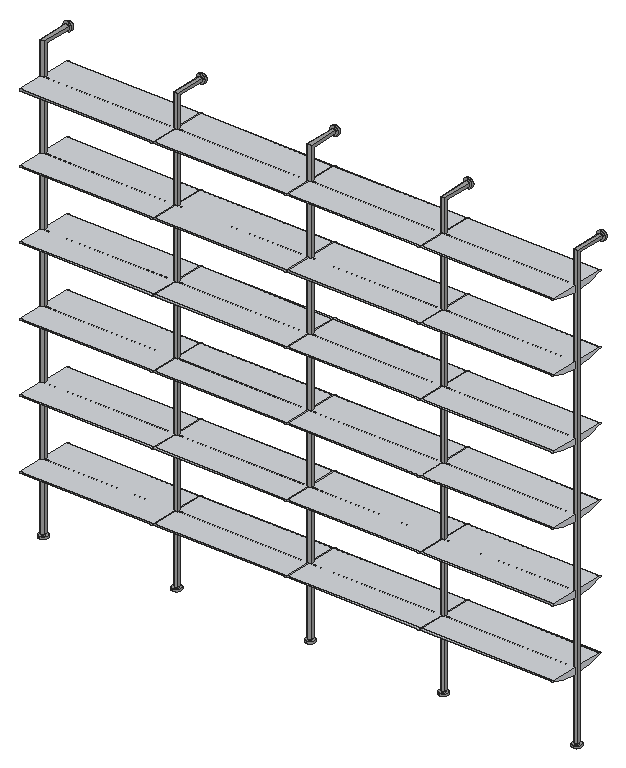
Revit family "Sailor_Parete_Composizione_2", category Arredi, Revit 2017
Family settings
  Numero OmniClass = 23.40.20.00
  Titolo OmniClass = General Furniture and Specialties
  Basato su piano di lavoro = No
  Sempre verticale = Sì
  Taglio con vuoti quando caricato = No
  Condiviso = No
  Punto di calcolo locali = No
Parameters
  VisibModulo4 = yes
  VisibModulo3 = yes
  VisibModulo2 = yes
  URL = "www.livingdivani.it"
  Produttore = "Living Divani"
  Modello = "Sailor"
  Lunghezza Modulo 3 = 750 mm
  Lunghezza Modulo 2 = 750 mm
  Lunghezza Modulo 4 = 750 mm
  Lunghezza Modulo 1 = 750 mm
Reference planes
  plane 1 "Centro (Fronte/Retro)": y = 0
  plane 2: z = 0
  plane 3 "Centro (Sinistra/Destra)": x = 0
Dimensions and locks
  aligned and locked: level to plane 2
  aligned and locked: nested 2 to nested 1
  aligned and locked: nested 3 to nested 2
  aligned and locked: nested 2 to nested 3
  aligned and locked: nested 4 to nested 3
  aligned and locked: nested 3 to nested 4
Nested families
  nested 1: "Sailor_Modulo_Base_Parete" at (0, 0, 0), LunghezzaRipiano <- "Lunghezza Modulo 1", type "Modulo 1"
    with VisibRipiano6 yes, VisibRipiano5 yes, VisibRipiano4 yes, VisibRipiano3 yes, VisibRipiano2 yes, VisibRipiano1 yes, LunghezzaRipiano 750 mm
  nested 2: "Sailor_Modulo_Base_Parete" at (750, 0, 0), LunghezzaRipiano <- "Lunghezza Modulo 2", visible <- "VisibModulo2", type "Modulo 2"
    with VisibRipiano6 yes, VisibRipiano5 yes, VisibRipiano4 yes, VisibRipiano3 yes, VisibRipiano2 yes, VisibRipiano1 yes, LunghezzaRipiano 750 mm, PrimaAsta no
  nested 3: "Sailor_Modulo_Base_Parete" at (1500, 0, 0), LunghezzaRipiano <- "Lunghezza Modulo 3", visible <- "VisibModulo3", type "Modulo 3"
    with VisibRipiano6 yes, VisibRipiano5 yes, VisibRipiano4 yes, VisibRipiano3 yes, VisibRipiano2 yes, VisibRipiano1 yes, LunghezzaRipiano 750 mm, PrimaAsta no
  nested 4: "Sailor_Modulo_Base_Parete" at (2250, 0, 0), LunghezzaRipiano <- "Lunghezza Modulo 4", visible <- "VisibModulo4", type "Modulo 4"
    with VisibRipiano6 yes, VisibRipiano5 yes, VisibRipiano4 yes, VisibRipiano3 yes, VisibRipiano2 yes, VisibRipiano1 yes, LunghezzaRipiano 750 mm, PrimaAsta no
Definition of nested family "Sailor_Modulo_Base_Parete"
  Parameters (values of type "Sailor_Modulo_Base_Parete")
    VisibRipiano6 [instance] = yes
    VisibRipiano5 [instance] = yes
    VisibRipiano4 [instance] = yes
    VisibRipiano3 [instance] = yes
    VisibRipiano1 [instance] = yes
    VisibRipiano2 [instance] = yes
    Ripiani = none
    PrimaAsta = yes
    LunghezzaRipiano [instance] = 900 mm
    Aste = none
  Reference planes
    plane 1 "Centro (Fronte/Retro)": y = 0
    plane 2: z = 0
    plane 3 "Centro (Sinistra/Destra)": x = 0
    plane 4: y = 0
    plane 5 "Lunghezza Ripiano": x = 900
    plane 6 "primo ripiano": z = 383
    plane 7: y = 0
    plane 8: y = 0
    plane 9: y = 0
    plane 10: y = 0
    plane 11: y = 0
  Forms (mm)
    Revolve 1, solid, material <- "Aste", visible <- "PrimaAsta"
      sketch origin (0, 0, 0) x (0, 1, 0) y (0, 0, 1)
        loop
          line (0, 20) -> (0, 0) -> (19, 0) -> (20.125, 2.25) -> (25, 2.25) -> (25, 9.915) -> (7.761, 9.915) -> (6.996, 12.974) -> (5, 12.974) -> (5, 14.189) -> (7.229, 20) -> (0, 20)
        axis (0, 0) -> (0, 20)
      angle from 0 to 360
    Extrusion 2, solid, material <- "Ripiani", visible <- "VisibRipiano1"
      sketch origin (0, -315.449, -968.719) x (0, 1, 0) y (0, 0, 1)
        loop
          arc (153.449, 1369.219) -> (150.496, 1366.748) -> (152.408, 1363.405) r 3
          arc (152.408, 1363.405) -> (315.449, 1334.219) -> (478.489, 1363.405) r 469.983
          arc (478.489, 1363.405) -> (480.402, 1366.748) -> (477.449, 1369.219) r 3
          line (477.449, 1369.219) -> (153.449, 1369.219)
        loop
          circle (315.449, 1351.719) r 8
      from 0 to 900 <- "LunghezzaRipiano"
    Extrusion 3, solid, visible <- "PrimaAsta", not visible
      sketch origin (0, 0, 0) x (1, 0, 0) y (0, 1, 0)
        loop
          line (12.5, 7.217) -> (0, 14.434) -> (-12.5, 7.217) -> (-12.5, -7.217) -> (0, -14.434) -> (12.5, -7.217) -> (12.5, 7.217)
      from 20 to 2670
    Revolve 4, solid, visible <- "PrimaAsta", not visible
      sketch origin (0, 0, 0) x (0, 1, 0) y (0, 0, 1)
        loop
          line (0, 20) -> (0, 0) -> (19, 0) -> (20.125, 2.25) -> (25, 2.25) -> (25, 9.915) -> (7.761, 9.915) -> (6.996, 12.974) -> (5, 12.974) -> (5, 14.189) -> (7.229, 20) -> (0, 20)
        axis (0, 0) -> (0, 20)
      angle from 0 to 360
    Revolve 5, solid, visible <- "PrimaAsta", not visible
      sketch origin (0, 0, 2690) x (0, 1, 0) y (0, 0, -1)
        loop
          line (0, 20) -> (0, 0) -> (19, 0) -> (20.125, 2.25) -> (25, 2.25) -> (25, 9.915) -> (7.761, 9.915) -> (6.996, 12.974) -> (5, 12.974) -> (5, 14.189) -> (7.229, 20) -> (0, 20)
        axis (0, 0) -> (0, 20)
      angle from 0 to 360
    Revolve 6, solid, material <- "Aste"
      sketch origin (900, 0, 0) x (0, 1, 0) y (0, 0, 1)
        loop
          line (0, 20) -> (0, 0) -> (19, 0) -> (20.125, 2.25) -> (25, 2.25) -> (25, 9.915) -> (7.761, 9.915) -> (6.996, 12.974) -> (5, 12.974) -> (5, 14.189) -> (7.229, 20) -> (0, 20)
        axis (0, 0) -> (0, 20)
      angle from 0 to 360
    Extrusion 7, solid, material <- "Ripiani", visible <- "VisibRipiano2"
      sketch origin (0, -315.449, -583.719) x (0, 1, 0) y (0, 0, 1)
        loop
          arc (153.449, 1369.219) -> (150.496, 1366.748) -> (152.408, 1363.405) r 3
          arc (152.408, 1363.405) -> (315.449, 1334.219) -> (478.489, 1363.405) r 469.983
          arc (478.489, 1363.405) -> (480.402, 1366.748) -> (477.449, 1369.219) r 3
          line (477.449, 1369.219) -> (153.449, 1369.219)
        loop
          circle (315.449, 1351.719) r 8
      from 0 to 900 <- "LunghezzaRipiano"
    Extrusion 8, solid, material <- "Ripiani", visible <- "VisibRipiano3"
      sketch origin (0, -315.449, -198.719) x (0, 1, 0) y (0, 0, 1)
        loop
          arc (153.449, 1369.219) -> (150.496, 1366.748) -> (152.408, 1363.405) r 3
          arc (152.408, 1363.405) -> (315.449, 1334.219) -> (478.489, 1363.405) r 469.983
          arc (478.489, 1363.405) -> (480.402, 1366.748) -> (477.449, 1369.219) r 3
          line (477.449, 1369.219) -> (153.449, 1369.219)
        loop
          circle (315.449, 1351.719) r 8
      from 0 to 900 <- "LunghezzaRipiano"
    Extrusion 9, solid, material <- "Ripiani", visible <- "VisibRipiano4"
      sketch origin (0, -315.449, 186.281) x (0, 1, 0) y (0, 0, 1)
        loop
          arc (153.449, 1369.219) -> (150.496, 1366.748) -> (152.408, 1363.405) r 3
          arc (152.408, 1363.405) -> (315.449, 1334.219) -> (478.489, 1363.405) r 469.983
          arc (478.489, 1363.405) -> (480.402, 1366.748) -> (477.449, 1369.219) r 3
          line (477.449, 1369.219) -> (153.449, 1369.219)
        loop
          circle (315.449, 1351.719) r 8
      from 0 to 900 <- "LunghezzaRipiano"
    Extrusion 10, solid, material <- "Ripiani", visible <- "VisibRipiano5"
      sketch origin (0, -315.449, 571.281) x (0, 1, 0) y (0, 0, 1)
        loop
          arc (153.449, 1369.219) -> (150.496, 1366.748) -> (152.408, 1363.405) r 3
          arc (152.408, 1363.405) -> (315.449, 1334.219) -> (478.489, 1363.405) r 469.983
          arc (478.489, 1363.405) -> (480.402, 1366.748) -> (477.449, 1369.219) r 3
          line (477.449, 1369.219) -> (153.449, 1369.219)
        loop
          circle (315.449, 1351.719) r 8
      from 0 to 900 <- "LunghezzaRipiano"
    Extrusion 11, solid, material <- "Ripiani", visible <- "VisibRipiano6"
      sketch origin (0, -315.449, 956.281) x (0, 1, 0) y (0, 0, 1)
        loop
          arc (153.449, 1369.219) -> (150.496, 1366.748) -> (152.408, 1363.405) r 3
          arc (152.408, 1363.405) -> (315.449, 1334.219) -> (478.489, 1363.405) r 469.983
          arc (478.489, 1363.405) -> (480.402, 1366.748) -> (477.449, 1369.219) r 3
          line (477.449, 1369.219) -> (153.449, 1369.219)
        loop
          circle (315.449, 1351.719) r 8
      from 0 to 900 <- "LunghezzaRipiano"
    Extrusion 12, void
      sketch origin (-112.713, -21.581, 0) x (1, 0, 0) y (0, 1, 0)
        loop
          line (112.713, 36.015) -> (112.713, 7.147) -> (125.213, 14.364) -> (125.213, 28.798) -> (112.713, 36.015)
      from 361.476 to 406.494
    Extrusion 13, void
      sketch origin (862.713, -21.581, 0) x (-1, 0, 0) y (0, -1, 0)
        loop
          line (-37.287, -36.015) -> (-24.787, -28.798) -> (-24.787, -14.364) -> (-37.287, -7.147) -> (-37.287, -36.015)
      from 361.476 to 406.494
    Extrusion 14, void
      sketch origin (-112.713, -21.581, 385.443) x (0, -1, 0) y (1, 0, 0)
        loop
          line (-36.015, 112.713) -> (-7.147, 112.713) -> (-14.364, 125.213) -> (-28.798, 125.213) -> (-36.015, 112.713)
      from 361.476 to 406.494
    Extrusion 15, void
      sketch origin (862.713, -21.581, 385.443) x (0, 1, 0) y (-1, 0, 0)
        loop
          line (36.015, -37.287) -> (28.798, -24.787) -> (14.364, -24.787) -> (7.147, -37.287) -> (36.015, -37.287)
      from 361.476 to 406.494
    Extrusion 16, void
      sketch origin (-112.713, -21.581, 770.443) x (0, -1, 0) y (1, 0, 0)
        loop
          line (-36.015, 112.713) -> (-7.147, 112.713) -> (-14.364, 125.213) -> (-28.798, 125.213) -> (-36.015, 112.713)
      from 361.476 to 406.494
    Extrusion 17, void
      sketch origin (862.713, -21.581, 770.443) x (0, 1, 0) y (-1, 0, 0)
        loop
          line (36.015, -37.287) -> (28.798, -24.787) -> (14.364, -24.787) -> (7.147, -37.287) -> (36.015, -37.287)
      from 361.476 to 406.494
    Extrusion 18, void
      sketch origin (-112.713, -21.581, 1155.443) x (0, -1, 0) y (1, 0, 0)
        loop
          line (-36.015, 112.713) -> (-7.147, 112.713) -> (-14.364, 125.213) -> (-28.798, 125.213) -> (-36.015, 112.713)
      from 361.476 to 406.494
    Extrusion 19, void
      sketch origin (862.713, -21.581, 1155.443) x (0, 1, 0) y (-1, 0, 0)
        loop
          line (36.015, -37.287) -> (28.798, -24.787) -> (14.364, -24.787) -> (7.147, -37.287) -> (36.015, -37.287)
      from 361.476 to 406.494
    Extrusion 20, void
      sketch origin (-112.713, -21.581, 1540.443) x (0, -1, 0) y (1, 0, 0)
        loop
          line (-36.015, 112.713) -> (-7.147, 112.713) -> (-14.364, 125.213) -> (-28.798, 125.213) -> (-36.015, 112.713)
      from 361.476 to 406.494
    Extrusion 21, void
      sketch origin (862.713, -21.581, 1540.443) x (0, 1, 0) y (-1, 0, 0)
        loop
          line (36.015, -37.287) -> (28.798, -24.787) -> (14.364, -24.787) -> (7.147, -37.287) -> (36.015, -37.287)
      from 361.476 to 406.494
    Extrusion 22, void
      sketch origin (-112.713, -21.581, 1925.443) x (0, -1, 0) y (1, 0, 0)
        loop
          line (-36.015, 112.713) -> (-7.147, 112.713) -> (-14.364, 125.213) -> (-28.798, 125.213) -> (-36.015, 112.713)
      from 361.476 to 406.494
    Extrusion 23, void
      sketch origin (862.713, -21.581, 1925.443) x (0, 1, 0) y (-1, 0, 0)
        loop
          line (36.015, -37.287) -> (28.798, -24.787) -> (14.364, -24.787) -> (7.147, -37.287) -> (36.015, -37.287)
      from 361.476 to 406.494
    Sweep 24, solid, material <- "Aste", visible <- "PrimaAsta"
      path origin (0, 0, 0) x (0, 1, 0) y (0, 0, 1)
        loop
          line (0, 20) -> (0, 2496) -> (160.566, 2496)
      profile origin (0, 0, 1258) x (0, -1, 0) y (1, 0, 0)
        loop
          line (-14.434, 0) -> (-7.217, -12.5) -> (7.217, -12.5) -> (14.434, 0) -> (7.217, 12.5) -> (-7.217, 12.5) -> (-14.434, 0)
    Revolve 25, solid, material <- "Aste", visible <- "PrimaAsta"
      sketch origin (0, 180.566, 2496) x (0, 0, 1) y (0, -1, 0)
        loop
          line (0, 20) -> (0, -15) -> (3, -15) -> (3, 0) -> (19, 0) -> (20.125, 2.25) -> (25, 2.25) -> (25, 9.915) -> (7.761, 9.915) -> (6.996, 12.974) -> (5, 12.974) -> (5, 14.189) -> (7.229, 20) -> (0, 20)
        axis (0, -15) -> (0, 20)
      angle from 0 to 360
    Sweep 26, solid, material <- "Aste"
      path origin (900, 551.923, 1200) x (0, 1, 0) y (0, 0, 1)
        loop
          line (-551.923, -1180) -> (-551.923, 1296) -> (-391.357, 1296)
      profile origin (900, 0, 1258) x (0, -1, 0) y (1, 0, 0)
        loop
          line (14.434, 0) -> (7.217, 12.5) -> (-7.217, 12.5) -> (-14.434, 0) -> (-7.217, -12.5) -> (7.217, -12.5) -> (14.434, 0)
    Revolve 27, solid, material <- "Aste"
      sketch origin (900, 180.566, 2496) x (0, 0, 1) y (0, 1, 0)
        loop
          line (0, -20) -> (7.229, -20) -> (5, -14.189) -> (5, -12.974) -> (6.996, -12.974) -> (7.761, -9.915) -> (25, -9.915) -> (25, -2.25) -> (20.125, -2.25) -> (19, 0) -> (3, 0) -> (3, 15) -> (0, 15) -> (0, -20)
        axis (0, 15) -> (0, -20)
      angle from 0 to 360
  Cuts and joins
    Extrusion 12, Extrusion 13, Extrusion 14, Extrusion 15 cuts Extrusion 2
    Extrusion 12, Extrusion 13, Extrusion 22, Extrusion 23 cuts Extrusion 11
    Extrusion 14, Extrusion 15, Extrusion 16 cuts Extrusion 7
    Extrusion 16, Extrusion 17, Extrusion 18 cuts Extrusion 8
    Extrusion 18, Extrusion 19, Extrusion 20 cuts Extrusion 9
    Extrusion 20, Extrusion 21, Extrusion 22 cuts Extrusion 10
  Dimensions and locks
    equal spacing: Extrusion 2 sketch curve, plane 4, Extrusion 2 sketch curve, locked at 165 each
    "LunghezzaRipiano": plane 3 "Centro (Sinistra/Destra)" to plane 5 "Lunghezza Ripiano"
    plane 6 "primo ripiano" to level = 383 mm
    equal spacing: Extrusion 7 sketch curve, plane 7, Extrusion 7 sketch curve, locked at 165 each
    Extrusion 7 to plane 6 "primo ripiano" = 385 mm
    equal spacing: Extrusion 8 sketch curve, plane 8, Extrusion 8 sketch curve, locked at 165 each
    equal spacing: Extrusion 9 sketch curve, plane 9, Extrusion 9 sketch curve, locked at 165 each
    equal spacing: Extrusion 10 sketch curve, plane 10, Extrusion 10 sketch curve, locked at 165 each
    equal spacing: Extrusion 11 sketch curve, plane 11, Extrusion 11 sketch curve, locked at 165 each
    aligned and locked: level to plane 2
    aligned and locked: plane 4 to plane 1 "Centro (Fronte/Retro)"
    aligned and locked: plane 6 "primo ripiano" to Extrusion 2
    aligned and locked: cut or joined group of Extrusion 11, Extrusion 12, Extrusion 13, Extrusion 22, Extrusion 23 to cut or joined group of Extrusion 2, Extrusion 12, Extrusion 13, Extrusion 14, Extrusion 15  (x2)
    aligned and locked: plane 5 "Lunghezza Ripiano" to Revolve 6
    aligned and locked: Sweep 24 to Revolve 25
    aligned and locked: plane 5 "Lunghezza Ripiano" to Revolve 27
  Automatic sketch dimensions
    Extrusion 3 sketch curve to Extrusion 3 sketch curve = 7.217 mm  (x4)
    Revolve 4 sketch curve to Revolve 4 sketch curve = 1.996 mm
    Revolve 4 sketch curve to Revolve 4 sketch curve = 2.229 mm
    Revolve 4 sketch curve to Revolve 4 sketch curve = 0.765 mm
    Revolve 4 sketch curve to Revolve 4 sketch curve = 11.239 mm
    Revolve 4 sketch curve to Revolve 4 sketch curve = 1.125 mm
    Revolve 4 sketch curve to Revolve 4 sketch curve = 4.875 mm
    Revolve 4 sketch curve to Revolve 4 sketch curve = 3.059 mm
    Revolve 4 sketch curve to Revolve 4 sketch curve = 1.216 mm
    Revolve 4 sketch curve to Revolve 4 sketch curve = 5.811 mm
    Revolve 4 sketch curve to Revolve 4 sketch curve = 2780 mm
    Revolve 5 sketch curve to Revolve 5 sketch curve = 1.996 mm
    Revolve 5 sketch curve to Revolve 5 sketch curve = 2.229 mm
    Revolve 5 sketch curve to Revolve 5 sketch curve = 0.765 mm
    Revolve 5 sketch curve to Revolve 5 sketch curve = 11.239 mm
    Revolve 5 sketch curve to Revolve 5 sketch curve = 1.125 mm
    Revolve 5 sketch curve to Revolve 5 sketch curve = 4.875 mm
    Revolve 5 sketch curve to Revolve 5 sketch curve = 2.25 mm
    Revolve 5 sketch curve to Revolve 5 sketch curve = 9.915 mm
    Revolve 5 sketch curve to Revolve 5 sketch curve = 3.059 mm
    Revolve 5 sketch curve to Revolve 5 sketch curve = 1.216 mm
    Revolve 5 sketch curve to Revolve 5 sketch curve = 5.811 mm
    Revolve 5 sketch curve to Revolve 5 sketch curve = 0 mm  (x2)
    Extrusion 3 sketch curve to Extrusion 3 sketch curve = 12.5 mm  (x3)
    Extrusion 3 sketch curve to Extrusion 3 sketch curve = 14.434 mm
    Revolve 4 sketch curve to Revolve 4 sketch curve = 5 mm
    Revolve 4 sketch curve to Revolve 4 sketch curve = 2.25 mm
    Revolve 4 sketch curve to Revolve 4 sketch curve = 9.915 mm
    Revolve 4 sketch curve to Revolve 4 sketch curve = 0 mm  (x2)
    Revolve 5 sketch curve to Revolve 5 sketch curve = 5 mm
    Revolve 5 sketch curve to Revolve 5 sketch curve = 2780 mm
    Revolve 1 sketch curve to level = 0 mm  (x2)
    Revolve 1 sketch curve to plane 1 "Centro (Fronte/Retro)" = 0 mm  (x2)
    Revolve 1 sketch curve to plane 1 "Centro (Fronte/Retro)" = 5 mm
    Revolve 1 sketch curve to Revolve 1 sketch curve = 1.996 mm
    Revolve 1 sketch curve to Revolve 1 sketch curve = 2.229 mm
    Revolve 1 sketch curve to Revolve 1 sketch curve = 0.765 mm
    Revolve 1 sketch curve to Revolve 1 sketch curve = 11.239 mm
    level to Revolve 1 sketch curve = 2.25 mm
    Revolve 1 sketch curve to Revolve 1 sketch curve = 1.125 mm
    Revolve 1 sketch curve to Revolve 1 sketch curve = 4.875 mm
    level to Revolve 1 sketch curve = 9.915 mm
    Revolve 1 sketch curve to Revolve 1 sketch curve = 3.059 mm
    Revolve 1 sketch curve to Revolve 1 sketch curve = 1.216 mm
    Revolve 1 sketch curve to Revolve 1 sketch curve = 5.811 mm
    plane 6 "primo ripiano" to Revolve 1 sketch curve = 2417 mm
    Extrusion 2 sketch curve to plane 1 "Centro (Fronte/Retro)" = 0 mm  (x2)
    Extrusion 2 sketch curve to plane 6 "primo ripiano" = 0 mm
    plane 6 "primo ripiano" to Extrusion 2 sketch curve = 17.5 mm
    plane 1 "Centro (Fronte/Retro)" to Extrusion 2 sketch curve = 162 mm
    Extrusion 2 sketch curve to plane 1 "Centro (Fronte/Retro)" = 162 mm
    Extrusion 2 sketch curve to Extrusion 2 sketch curve = 3 mm
    Extrusion 2 sketch curve to Extrusion 2 sketch curve = 452.483 mm
    Extrusion 2 sketch curve to Extrusion 2 sketch curve = 0 mm
    Revolve 6 sketch curve to level = 0 mm  (x2)
    Revolve 6 sketch curve to plane 1 "Centro (Fronte/Retro)" = 0 mm  (x2)
    Revolve 6 sketch curve to plane 1 "Centro (Fronte/Retro)" = 5 mm
    Revolve 6 sketch curve to Revolve 6 sketch curve = 1.996 mm
    Revolve 6 sketch curve to Revolve 6 sketch curve = 2.229 mm
    Revolve 6 sketch curve to Revolve 6 sketch curve = 0.765 mm
    Revolve 6 sketch curve to Revolve 6 sketch curve = 11.239 mm
    level to Revolve 6 sketch curve = 2.25 mm
    Revolve 6 sketch curve to Revolve 6 sketch curve = 1.125 mm
    Revolve 6 sketch curve to Revolve 6 sketch curve = 4.875 mm
    level to Revolve 6 sketch curve = 9.915 mm
    Revolve 6 sketch curve to Revolve 6 sketch curve = 3.059 mm
    Revolve 6 sketch curve to Revolve 6 sketch curve = 1.216 mm
    Revolve 6 sketch curve to Revolve 6 sketch curve = 5.811 mm
    plane 6 "primo ripiano" to Revolve 6 sketch curve = 2417 mm
    Extrusion 7 sketch curve to plane 1 "Centro (Fronte/Retro)" = 0 mm  (x2)
    plane 1 "Centro (Fronte/Retro)" to Extrusion 7 sketch curve = 162 mm
    Extrusion 7 sketch curve to plane 1 "Centro (Fronte/Retro)" = 162 mm
    plane 6 "primo ripiano" to Extrusion 7 sketch curve = 385 mm
    Extrusion 7 sketch curve to Extrusion 7 sketch curve = 14.5 mm
    Extrusion 7 sketch curve to Extrusion 7 sketch curve = 3 mm
    Extrusion 7 sketch curve to Extrusion 7 sketch curve = 452.483 mm
    Extrusion 7 sketch curve to Extrusion 7 sketch curve = 0 mm
    Extrusion 8 sketch curve to plane 1 "Centro (Fronte/Retro)" = 0 mm  (x2)
    plane 1 "Centro (Fronte/Retro)" to Extrusion 8 sketch curve = 162 mm
    Extrusion 8 sketch curve to plane 1 "Centro (Fronte/Retro)" = 162 mm
    plane 6 "primo ripiano" to Extrusion 8 sketch curve = 770 mm
    Extrusion 8 sketch curve to Extrusion 8 sketch curve = 14.5 mm
    Extrusion 8 sketch curve to Extrusion 8 sketch curve = 3 mm
    Extrusion 8 sketch curve to Extrusion 8 sketch curve = 452.483 mm
    Extrusion 8 sketch curve to Extrusion 8 sketch curve = 0 mm
    Extrusion 9 sketch curve to plane 1 "Centro (Fronte/Retro)" = 0 mm  (x2)
    plane 1 "Centro (Fronte/Retro)" to Extrusion 9 sketch curve = 162 mm
    Extrusion 9 sketch curve to plane 1 "Centro (Fronte/Retro)" = 162 mm
    plane 6 "primo ripiano" to Extrusion 9 sketch curve = 1155 mm
    Extrusion 9 sketch curve to Extrusion 9 sketch curve = 14.5 mm
    Extrusion 9 sketch curve to Extrusion 9 sketch curve = 3 mm
    Extrusion 9 sketch curve to Extrusion 9 sketch curve = 452.483 mm
    Extrusion 9 sketch curve to Extrusion 9 sketch curve = 0 mm
    Extrusion 10 sketch curve to plane 1 "Centro (Fronte/Retro)" = 0 mm  (x2)
    plane 1 "Centro (Fronte/Retro)" to Extrusion 10 sketch curve = 162 mm
    Extrusion 10 sketch curve to plane 1 "Centro (Fronte/Retro)" = 162 mm
    plane 6 "primo ripiano" to Extrusion 10 sketch curve = 1540 mm
    Extrusion 10 sketch curve to Extrusion 10 sketch curve = 14.5 mm
    Extrusion 10 sketch curve to Extrusion 10 sketch curve = 3 mm
    Extrusion 10 sketch curve to Extrusion 10 sketch curve = 452.483 mm
    Extrusion 10 sketch curve to Extrusion 10 sketch curve = 0 mm
    Extrusion 11 sketch curve to plane 1 "Centro (Fronte/Retro)" = 0 mm  (x2)
    plane 1 "Centro (Fronte/Retro)" to Extrusion 11 sketch curve = 162 mm
    Extrusion 11 sketch curve to plane 1 "Centro (Fronte/Retro)" = 162 mm
    plane 6 "primo ripiano" to Extrusion 11 sketch curve = 1925 mm
    Extrusion 11 sketch curve to Extrusion 11 sketch curve = 14.5 mm
    Extrusion 11 sketch curve to Extrusion 11 sketch curve = 3 mm
    Extrusion 11 sketch curve to Extrusion 11 sketch curve = 452.483 mm
    Extrusion 11 sketch curve to Extrusion 11 sketch curve = 0 mm
    Extrusion 12 sketch curve to plane 3 "Centro (Sinistra/Destra)" = 0 mm
    plane 3 "Centro (Sinistra/Destra)" to Extrusion 12 sketch curve = 12.5 mm
    plane 1 "Centro (Fronte/Retro)" to Extrusion 12 sketch curve = 14.434 mm
    plane 1 "Centro (Fronte/Retro)" to Extrusion 12 sketch curve = 7.217 mm
    Extrusion 12 sketch curve to plane 1 "Centro (Fronte/Retro)" = 7.217 mm
    Extrusion 12 sketch curve to Extrusion 12 sketch curve = 7.217 mm
    Extrusion 13 sketch curve to plane 5 "Lunghezza Ripiano" = 0 mm
    plane 5 "Lunghezza Ripiano" to Extrusion 13 sketch curve = 12.5 mm
    Extrusion 13 sketch curve to plane 1 "Centro (Fronte/Retro)" = 14.434 mm
    Extrusion 13 sketch curve to plane 1 "Centro (Fronte/Retro)" = 7.217 mm
    plane 1 "Centro (Fronte/Retro)" to Extrusion 13 sketch curve = 7.217 mm
    plane 1 "Centro (Fronte/Retro)" to Extrusion 13 sketch curve = 14.434 mm
    Extrusion 14 sketch curve to plane 3 "Centro (Sinistra/Destra)" = 0 mm
    Extrusion 14 sketch curve to plane 1 "Centro (Fronte/Retro)" = 14.434 mm
    Extrusion 14 sketch curve to plane 1 "Centro (Fronte/Retro)" = 7.217 mm
    plane 1 "Centro (Fronte/Retro)" to Extrusion 14 sketch curve = 7.217 mm
    Extrusion 14 sketch curve to Extrusion 14 sketch curve = 7.217 mm
    plane 3 "Centro (Sinistra/Destra)" to Extrusion 14 sketch curve = 12.5 mm
    Extrusion 15 sketch curve to plane 5 "Lunghezza Ripiano" = 0 mm
    plane 1 "Centro (Fronte/Retro)" to Extrusion 15 sketch curve = 14.434 mm
    plane 1 "Centro (Fronte/Retro)" to Extrusion 15 sketch curve = 7.217 mm
    Extrusion 15 sketch curve to plane 1 "Centro (Fronte/Retro)" = 7.217 mm
    Extrusion 15 sketch curve to plane 1 "Centro (Fronte/Retro)" = 14.434 mm
    Extrusion 15 sketch curve to plane 5 "Lunghezza Ripiano" = 12.5 mm
    Extrusion 16 sketch curve to plane 3 "Centro (Sinistra/Destra)" = 0 mm
    Extrusion 16 sketch curve to plane 1 "Centro (Fronte/Retro)" = 14.434 mm
    Extrusion 16 sketch curve to plane 1 "Centro (Fronte/Retro)" = 7.217 mm
    plane 1 "Centro (Fronte/Retro)" to Extrusion 16 sketch curve = 7.217 mm
    Extrusion 16 sketch curve to Extrusion 16 sketch curve = 7.217 mm
    plane 3 "Centro (Sinistra/Destra)" to Extrusion 16 sketch curve = 12.5 mm
    Extrusion 17 sketch curve to plane 5 "Lunghezza Ripiano" = 0 mm
    plane 1 "Centro (Fronte/Retro)" to Extrusion 17 sketch curve = 14.434 mm
    plane 1 "Centro (Fronte/Retro)" to Extrusion 17 sketch curve = 7.217 mm
    Extrusion 17 sketch curve to plane 1 "Centro (Fronte/Retro)" = 7.217 mm
    Extrusion 17 sketch curve to plane 1 "Centro (Fronte/Retro)" = 14.434 mm
    Extrusion 17 sketch curve to plane 5 "Lunghezza Ripiano" = 12.5 mm
    Extrusion 18 sketch curve to plane 3 "Centro (Sinistra/Destra)" = 0 mm
    Extrusion 18 sketch curve to plane 1 "Centro (Fronte/Retro)" = 14.434 mm
    Extrusion 18 sketch curve to plane 1 "Centro (Fronte/Retro)" = 7.217 mm
    plane 1 "Centro (Fronte/Retro)" to Extrusion 18 sketch curve = 7.217 mm
    Extrusion 18 sketch curve to Extrusion 18 sketch curve = 7.217 mm
    plane 3 "Centro (Sinistra/Destra)" to Extrusion 18 sketch curve = 12.5 mm
    Extrusion 19 sketch curve to plane 5 "Lunghezza Ripiano" = 0 mm
    plane 1 "Centro (Fronte/Retro)" to Extrusion 19 sketch curve = 14.434 mm
    plane 1 "Centro (Fronte/Retro)" to Extrusion 19 sketch curve = 7.217 mm
    Extrusion 19 sketch curve to plane 1 "Centro (Fronte/Retro)" = 7.217 mm
    Extrusion 19 sketch curve to plane 1 "Centro (Fronte/Retro)" = 14.434 mm
    Extrusion 19 sketch curve to plane 5 "Lunghezza Ripiano" = 12.5 mm
    Extrusion 20 sketch curve to plane 3 "Centro (Sinistra/Destra)" = 0 mm
    Extrusion 20 sketch curve to plane 1 "Centro (Fronte/Retro)" = 14.434 mm
    Extrusion 20 sketch curve to plane 1 "Centro (Fronte/Retro)" = 7.217 mm
    plane 1 "Centro (Fronte/Retro)" to Extrusion 20 sketch curve = 7.217 mm
    Extrusion 20 sketch curve to Extrusion 20 sketch curve = 7.217 mm
    plane 3 "Centro (Sinistra/Destra)" to Extrusion 20 sketch curve = 12.5 mm
    Extrusion 21 sketch curve to plane 5 "Lunghezza Ripiano" = 0 mm
    plane 1 "Centro (Fronte/Retro)" to Extrusion 21 sketch curve = 14.434 mm
    plane 1 "Centro (Fronte/Retro)" to Extrusion 21 sketch curve = 7.217 mm
    Extrusion 21 sketch curve to plane 1 "Centro (Fronte/Retro)" = 7.217 mm
    Extrusion 21 sketch curve to plane 1 "Centro (Fronte/Retro)" = 14.434 mm
    Extrusion 21 sketch curve to plane 5 "Lunghezza Ripiano" = 12.5 mm
    Extrusion 22 sketch curve to plane 3 "Centro (Sinistra/Destra)" = 0 mm
    Extrusion 22 sketch curve to plane 1 "Centro (Fronte/Retro)" = 14.434 mm
    Extrusion 22 sketch curve to plane 1 "Centro (Fronte/Retro)" = 7.217 mm
    plane 1 "Centro (Fronte/Retro)" to Extrusion 22 sketch curve = 7.217 mm
    Extrusion 22 sketch curve to Extrusion 22 sketch curve = 7.217 mm
    plane 3 "Centro (Sinistra/Destra)" to Extrusion 22 sketch curve = 12.5 mm
    Extrusion 23 sketch curve to plane 5 "Lunghezza Ripiano" = 0 mm
    plane 1 "Centro (Fronte/Retro)" to Extrusion 23 sketch curve = 14.434 mm
    plane 1 "Centro (Fronte/Retro)" to Extrusion 23 sketch curve = 7.217 mm
    Extrusion 23 sketch curve to plane 1 "Centro (Fronte/Retro)" = 7.217 mm
    Extrusion 23 sketch curve to Extrusion 23 sketch curve = 7.217 mm
    Extrusion 23 sketch curve to plane 5 "Lunghezza Ripiano" = 12.5 mm
    Sweep 24 sketch curve to plane 1 "Centro (Fronte/Retro)" = 0 mm
    plane 6 "primo ripiano" to Sweep 24 sketch curve = 2113 mm
    Sweep 24 sketch curve to plane 1 "Centro (Fronte/Retro)" = 160.566 mm
    level to Sweep 24 sketch curve = 20 mm
    Sweep 24 sketch curve to plane 3 "Centro (Sinistra/Destra)" = 0 mm  (x2)
    profile plane to Sweep 24 sketch curve = 14.434 mm
    profile plane to Sweep 24 sketch curve = 7.217 mm  (x2)
    Sweep 24 sketch curve to profile plane = 7.217 mm  (x2)
    Sweep 24 sketch curve to Sweep 24 sketch curve = 7.217 mm
    Sweep 24 sketch curve to plane 3 "Centro (Sinistra/Destra)" = 12.5 mm
    plane 3 "Centro (Sinistra/Destra)" to Sweep 24 sketch curve = 12.5 mm
    Revolve 25 sketch curve to plane 1 "Centro (Fronte/Retro)" = 160.566 mm
    plane 6 "primo ripiano" to Revolve 25 sketch curve = 2113 mm  (x2)
    Revolve 25 sketch curve to Revolve 25 sketch curve = 3 mm
    Revolve 25 sketch curve to Revolve 25 sketch curve = 5 mm
    Revolve 25 sketch curve to plane 1 "Centro (Fronte/Retro)" = 167.593 mm
    Revolve 25 sketch curve to Revolve 25 sketch curve = 1.996 mm
    Revolve 25 sketch curve to Revolve 25 sketch curve = 2.229 mm
    Revolve 25 sketch curve to plane 1 "Centro (Fronte/Retro)" = 170.652 mm
    Revolve 25 sketch curve to Revolve 25 sketch curve = 0.765 mm
    Revolve 25 sketch curve to plane 1 "Centro (Fronte/Retro)" = 180.566 mm
    Revolve 25 sketch curve to Revolve 25 sketch curve = 11.239 mm
    Revolve 25 sketch curve to plane 1 "Centro (Fronte/Retro)" = 178.316 mm
    Revolve 25 sketch curve to Revolve 25 sketch curve = 1.125 mm
    Revolve 25 sketch curve to Revolve 25 sketch curve = 4.875 mm
    Revolve 25 sketch curve to Revolve 25 sketch curve = 15 mm
    Revolve 25 sketch curve to Revolve 25 sketch curve = 1.216 mm
    Revolve 25 sketch curve to Revolve 25 sketch curve = 0 mm
    plane 1 "Centro (Fronte/Retro)" to Revolve 25 sketch curve = 2619.434 mm
    Sweep 26 sketch curve to profile plane = 0 mm  (x2)
    profile plane to Sweep 26 sketch curve = 14.434 mm
    profile plane to Sweep 26 sketch curve = 7.217 mm  (x2)
    Sweep 26 sketch curve to profile plane = 7.217 mm  (x2)
    Sweep 26 sketch curve to profile plane = 14.434 mm
    Sweep 26 sketch curve to profile plane = 12.5 mm
    profile plane to Sweep 26 sketch curve = 12.5 mm
    Revolve 27 sketch curve to plane 1 "Centro (Fronte/Retro)" = 160.566 mm
    plane 6 "primo ripiano" to Revolve 27 sketch curve = 2113 mm  (x2)
    Revolve 27 sketch curve to Revolve 27 sketch curve = 3 mm
    Revolve 27 sketch curve to Revolve 27 sketch curve = 5 mm
    Revolve 27 sketch curve to plane 1 "Centro (Fronte/Retro)" = 167.593 mm
    Revolve 27 sketch curve to Revolve 27 sketch curve = 1.996 mm
    Revolve 27 sketch curve to Revolve 27 sketch curve = 2.229 mm
    Revolve 27 sketch curve to plane 1 "Centro (Fronte/Retro)" = 170.652 mm
    Revolve 27 sketch curve to Revolve 27 sketch curve = 0.765 mm
    Revolve 27 sketch curve to plane 1 "Centro (Fronte/Retro)" = 180.566 mm
    Revolve 27 sketch curve to Revolve 27 sketch curve = 11.239 mm
    Revolve 27 sketch curve to plane 1 "Centro (Fronte/Retro)" = 178.316 mm
    Revolve 27 sketch curve to Revolve 27 sketch curve = 1.125 mm
    Revolve 27 sketch curve to Revolve 27 sketch curve = 4.875 mm
    Revolve 27 sketch curve to Revolve 27 sketch curve = 1.216 mm
    Revolve 27 sketch curve to Revolve 27 sketch curve = 15 mm
    plane 1 "Centro (Fronte/Retro)" to Revolve 27 sketch curve = 2619.434 mm
    Revolve 27 sketch curve to Revolve 27 sketch curve = 0 mm
    Sweep 26 sketch curve to plane 1 "Centro (Fronte/Retro)" = 0 mm
    plane 6 "primo ripiano" to Sweep 26 sketch curve = 2113 mm
    Sweep 26 sketch curve to Sweep 26 sketch curve = 160.566 mm
    level to Sweep 26 sketch curve = 20 mm
    radius of Extrusion 2 sketch curve = 8 mm
    radius of Extrusion 7 sketch curve = 8 mm
    radius of Extrusion 8 sketch curve = 8 mm
    radius of Extrusion 9 sketch curve = 8 mm
    radius of Extrusion 10 sketch curve = 8 mm
    radius of Extrusion 11 sketch curve = 8 mm
